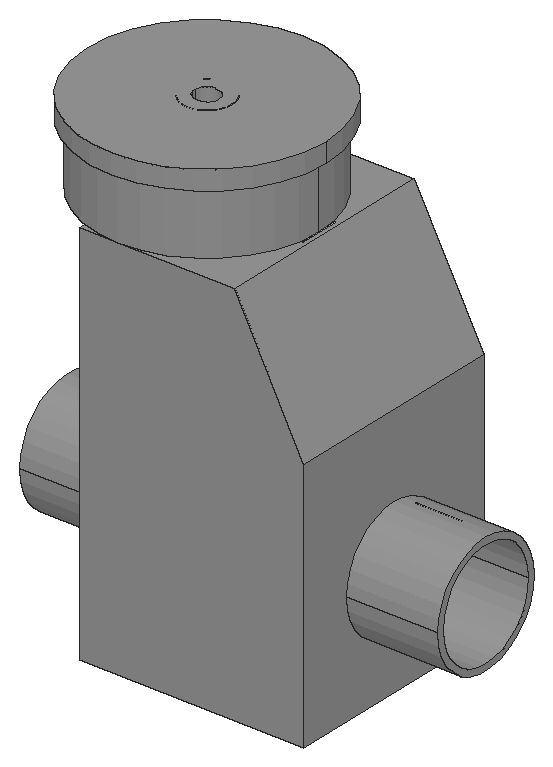
Revit family "BV1300", category Plumbing Fixtures, Revit 2013
Parameters (values of type "BV1304")
  material = Bronze
  URL = "www.mifab.com"
  Threaded rod = 0' - 10"
  Thickness of F1 = F1 - 0' 2 51/128"  # 1' - 1 77/128"
  Thickness of F = F - 0' 2 51/128"  # 1' - 9 77/128"
  Thickness = C - 0' 3"  # 3' - 9"
  Model = "BV1300"
  Manufacturer = "Mifab"
  F1 = F / 1.5  # 1' - 4"
  F = 2' - 0"
  Description = "Manually operated gate type backwater valve"
  D1 = D / 3  # 4' - 8"
  D = 14' - 0"
  C = 4' - 0"
  Body Material = Cast iron
  B = 12' - 0"
  A = 15' - 9"
Types (3): name | Thickness of F1 | Thickness of F | Thickness | F1 | F | D1 | D | C | B | A
  (no name) | 1' - 1 77/128" | 1' - 9 77/128" | 3' - 9" | 1' - 4" | 2' - 0" | 4' - 8" | 14' - 0" | 4' - 0" | 12' - 0" | 15' - 9"
  BV1304 | 1' - 1 77/128" | 1' - 9 77/128" | 3' - 9" | 1' - 4" | 2' - 0" | 4' - 8" | 14' - 0" | 4' - 0" | 12' - 0" | 15' - 9"
  BV1306 | 1' - 9 77/128" | 2' - 9 77/128" | 5' - 0" | 2' - 0" | 3' - 0" | 5' - 4" | 16' - 0" | 5' - 3" | 14' - 6" | 19' - 0"
Reference planes (in)
  plane 1 "Center (Front/Back)": y = 0
  plane 2: z = 0
  plane 3 "Center (Left/Right)": x = 0
  plane 4: z = -144
  plane 5: z = -189
  plane 6: y = -45
  plane 7: y = 45
  plane 8: x = 45
  plane 9: x = -45
  plane 10: x = 112
  plane 11: x = -56
Forms (in)
  Extrusion 1, solid, material "Cast iron" <- "Body Material"
    sketch origin (0, 0, 0) x (1, 0, 0) y (0, 1, 0)
      loop
        circle (0, 0) r 48
    from 0 to -7.74321
  Extrusion 2, solid, material "Cast iron" <- "Body Material"
    sketch origin (0, 0, 0) x (1, 0, 0) y (0, 1, 0)
      loop
        circle (0, 0) r 45
    from -7.74321 to -33.58831
  Extrusion 3, solid, material "Bronze" <- "material"
    sketch origin (0, 0, 0) x (1, 0, 0) y (0, 1, 0)
      loop
        circle (0, 0) r 10
    from 0 to -117.82758
  Extrusion 4, solid, material "Cast iron" <- "Body Material"
    sketch origin (0, 0, 0) x (1, 0, 0) y (0, 0, 1)
      loop
        line (-8, -33.58831) -> (-8, -48.58831) -> (8, -48.58831) -> (8, -33.58831) -> (-8, -33.58831)
    from 0 to 45
  Extrusion 5, solid, material "Cast iron" <- "Body Material"
    sketch origin (0, 0, 0) x (1, 0, 0) y (0, 0, -1)
      loop
        line (-8, 33.58831) -> (8, 33.58831) -> (8, 48.58831) -> (-8, 48.58831) -> (-8, 33.58831)
    from 0 to 45
  Extrusion 6, solid
    sketch origin (0, 0, 0) x (0, -1, 0) y (0, 0, -1)
      loop
        line (-8, 33.58831) -> (8, 33.58831) -> (8, 48.58831) -> (-8, 48.58831) -> (-8, 33.58831)
    from 0 to 45
  Extrusion 7, solid, material "Cast iron" <- "Body Material"
    sketch origin (0, 0, 0) x (0, -1, 0) y (0, 0, 1)
      loop
        line (-8, -33.58831) -> (-8, -48.58831) -> (8, -48.58831) -> (8, -33.58831) -> (-8, -33.58831)
    from 0 to 45
  Extrusion 8, solid, material "Cast iron" <- "Body Material"
    sketch origin (0, 0, 0) x (1, 0, 0) y (0, 0, 1)
      loop
        line (-15, -33.58831) -> (-15, -189) -> (75, -189) -> (75, -87) -> (47, -33.58831) -> (-15, -33.58831)
    from -45 to 45
  Extrusion 9, solid, material "Cast iron" <- "Body Material"
    sketch origin (0, 0, 0) x (0, 1, 0) y (0, 0, 1)
      loop
        circle (0, -144) r 24
      loop
        circle (0, -144) r 21.60156
    from 75 to 112
  Extrusion 10, solid, material "Cast iron" <- "Body Material"
    sketch origin (0, 0, 2.7546) x (0, 1, 0) y (0, 0, 1)
      loop
        circle (0, -146.7546) r 24
      loop
        circle (0, -146.7546) r 21.60156
    from -56 to -15
  Extrusion 11, solid, material "Cast iron" <- "Body Material"
    sketch origin (0, 0, 0) x (0, 1, 0) y (0, 0, 1)
      loop
        circle (0, -144) r 16
      loop
        circle (0, -144) r 13.60156
    from 45 to 75
  Extrusion 12, void
    sketch origin (0, 0, 0) x (0, 1, 0) y (0, 0, 1)
      loop
        circle (0, -144) r 13.60156
    from -15 to 75
  Extrusion 13, void
    sketch origin (0, 0, 0) x (1, 0, 0) y (0, 1, 0)
      loop
        circle (0, 0) r 5
    from -33.58831 to 12
Cuts and joins
  Extrusion 12 cuts Extrusion 11
  Extrusion 13 cuts Extrusion 4
  Extrusion 13 cuts Extrusion 5
  Extrusion 13 cuts Extrusion 7
  Extrusion 12, Extrusion 13 cuts Extrusion 8
  Extrusion 12, Extrusion 13 cuts Extrusion 9
  Extrusion 13 cuts Extrusion 10
  joined: Extrusion 4, Extrusion 5, Extrusion 7, Extrusion 8, Extrusion 9, Extrusion 10
  Extrusion 13 cuts Extrusion 3
  Extrusion 13 cuts Extrusion 2
  Extrusion 13 cuts Extrusion 1
Dimensions and locks (in)
  "B": plane 4 to plane 2
  "A": level to plane 5
  equal spacing: Extrusion 4 sketch curve, plane 3 "Center (Left/Right)", Extrusion 4 sketch curve
  locked: Extrusion 2 to Extrusion 4 sketch curve at 15
  "Thickness": plane 6 to plane 1 "Center (Front/Back)"
  "Thickness": plane 7 to plane 1 "Center (Front/Back)"
  Extrusion 5 sketch curve to Extrusion 5 sketch curve = 1' - 4"
  Extrusion 6 sketch curve to Extrusion 6 sketch curve = 1' - 4"
  "Thickness": plane 3 "Center (Left/Right)" to plane 8
  Extrusion 7 sketch curve to Extrusion 7 sketch curve = 1' - 4"
  "Thickness": plane 9 to plane 3 "Center (Left/Right)"
  "D1": plane 3 "Center (Left/Right)" to plane 11
  "D": plane 10 to plane 11
  "C": radius of Extrusion 1 sketch curve
  "Thickness": radius of Extrusion 2 sketch curve
  "Threaded rod": radius of Extrusion 3 sketch curve
  "F": radius of Extrusion 9 sketch curve
  "Thickness of F": radius of Extrusion 9 sketch curve
  "F": radius of Extrusion 10 sketch curve
  "Thickness of F": radius of Extrusion 10 sketch curve
  "F1": radius of Extrusion 11 sketch curve
  "Thickness of F1": radius of Extrusion 11 sketch curve
  "Thickness of F1": radius of Extrusion 12 sketch curve
  aligned and locked: level to plane 2
  aligned and locked: Extrusion 1 to Extrusion 2
  aligned and locked: plane 1 "Center (Front/Back)" to Extrusion 3 sketch curve
  aligned and locked: Extrusion 4 sketch curve to Extrusion 2
  aligned and locked: Extrusion 4 to plane 6
  aligned and locked: Extrusion 4 to plane 1 "Center (Front/Back)"
  aligned and locked: plane 1 "Center (Front/Back)" to Extrusion 5
  aligned and locked: plane 7 to Extrusion 5
  aligned and locked: plane 8 to Extrusion 6
  aligned and locked: Extrusion 7 to plane 9
  aligned and locked: Extrusion 8 to Extrusion 4
  aligned and locked: Extrusion 8 to Extrusion 5
  aligned and locked: plane 4 to Extrusion 9 sketch curve
  aligned and locked: plane 10 to Extrusion 9
  aligned and locked: Extrusion 9 to Extrusion 8
  aligned and locked: plane 4 to Extrusion 10 sketch curve  (x2)
  aligned and locked: Extrusion 10 to plane 11
  aligned and locked: Extrusion 10 to Extrusion 8
  aligned and locked: Extrusion 8 sketch curve to Extrusion 2
  aligned and locked: plane 4 to Extrusion 11 sketch curve
  aligned and locked: Extrusion 11 to plane 8
  aligned and locked: plane 1 "Center (Front/Back)" to Extrusion 12 sketch curve
  aligned and locked: plane 4 to Extrusion 12 sketch curve
  aligned and locked: plane 1 "Center (Front/Back)" to Extrusion 13 sketch curve
  aligned and locked: Extrusion 2 to Extrusion 13
Automatic sketch dimensions
  plane 1 "Center (Front/Back)" to Extrusion 1 sketch curve = 0' - 0"
  Extrusion 1 sketch curve to plane 3 "Center (Left/Right)" = 0' - 0"
  plane 1 "Center (Front/Back)" to Extrusion 2 sketch curve = 0' - 0"
  Extrusion 2 sketch curve to plane 3 "Center (Left/Right)" = 0' - 0"
  Extrusion 4 sketch curve to plane 3 "Center (Left/Right)" = 0' - 8"
  Extrusion 5 sketch curve to plane 3 "Center (Left/Right)" = 0' - 8"
  Extrusion 5 sketch curve to level = 2' - 9.58831"
  plane 3 "Center (Left/Right)" to Extrusion 5 sketch curve = 0' - 8"
  Extrusion 5 sketch curve to Extrusion 5 sketch curve = 1' - 3"
  Extrusion 6 sketch curve to plane 1 "Center (Front/Back)" = 0' - 8"
  Extrusion 6 sketch curve to level = 2' - 9.58831"
  plane 1 "Center (Front/Back)" to Extrusion 6 sketch curve = 0' - 8"
  Extrusion 6 sketch curve to Extrusion 6 sketch curve = 1' - 3"
  Extrusion 7 sketch curve to plane 1 "Center (Front/Back)" = 0' - 8"
  Extrusion 7 sketch curve to level = 4' - 0.58831"
  plane 1 "Center (Front/Back)" to Extrusion 7 sketch curve = 0' - 8"
  Extrusion 7 sketch curve to Extrusion 7 sketch curve = 1' - 3"
  Extrusion 8 sketch curve to plane 5 = 0' - 0"
  Extrusion 8 sketch curve to plane 3 "Center (Left/Right)" = 1' - 3"
  plane 8 to Extrusion 8 sketch curve = 2' - 6"
  plane 4 to Extrusion 8 sketch curve = 4' - 9"
  plane 8 to Extrusion 8 sketch curve = 0' - 2"
  plane 3 "Center (Left/Right)" to Extrusion 13 sketch curve = 0' - 0"
  Extrusion 3 sketch curve to plane 3 "Center (Left/Right)" = 0' - 0"
  Extrusion 9 sketch curve to Extrusion 9 sketch curve = 0' - 0"  (x2)
  Extrusion 9 sketch curve to plane 1 "Center (Front/Back)" = 0' - 0"
  Extrusion 10 sketch curve to Extrusion 10 sketch curve = 0' - 0"
  Extrusion 10 sketch curve to plane 1 "Center (Front/Back)" = 0' - 0"
  Extrusion 11 sketch curve to Extrusion 11 sketch curve = 0' - 0"  (x2)
  Extrusion 11 sketch curve to plane 1 "Center (Front/Back)" = 0' - 0"
  radius of Extrusion 13 sketch curve = 0' - 5"
